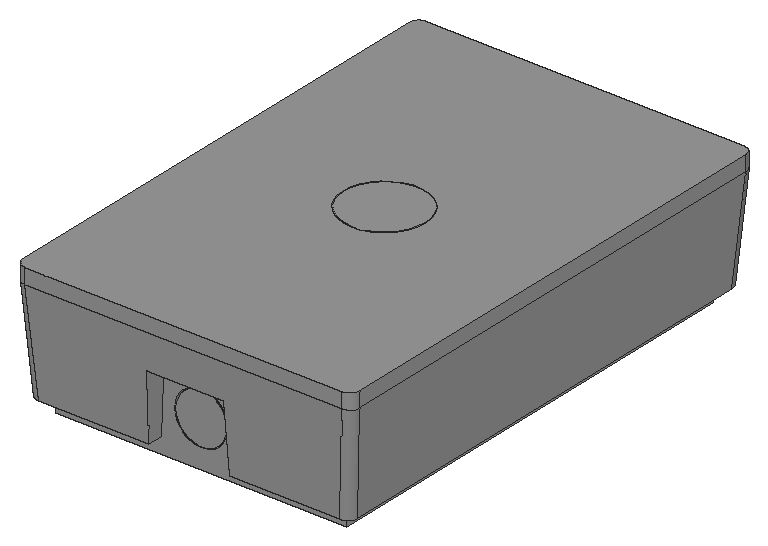
Revit family "0041740", category Lighting Fixtures, host Face, Revit 2016
Family settings
  Host = Face
  Part Type = Normal
  Round Connector Dimension = Use Diameter
  OmniClass Number = 23.80.70.00
  OmniClass Title = Lighting
  Cut with Voids When Loaded = No
  Light Source = Yes
  Shared = No
  Room Calculation Point = No
Parameters (values of type "0041740 SYLSAFE BAY OA C EMC NM MS ")
  Weight = "0.0 kg"
  Wattage Comments = ""
  Wattage = 3 W
  WarrantyStartDate [instance] = "n/a"
  WarrantyGuarantorParts = "n/a"
  WarrantyDurationUnit = "n/a"
  WarrantyDurationParts = "n/a"
  WarrantyDescription = "n/a"
  built-in parameter 1150110 = 1 (stored number, unit not read)
  Voltage = 0 V
  URL = "http://www.sylvania-lighting.com"
  TypeName = "SylSafe Bay OA C EMC NM MS"
  Type Image = <None>
  Type Comments = "n/a"
  built-in parameter 1114217 = 1 (stored number, unit not read)
  Tilt Angle = -90.00°
  built-in parameter 1150109 = 1 (stored number, unit not read)
  built-in parameter 1150134 = (empty or 0)
  built-in parameter 1150113 = 1 (stored number, unit not read)
  SerialNumber [instance] = "n/a"
  Photometric Web File = "0041740.ies"
  Material_3_SYL = LED-Sylvania
  PowerFactor = 0.44
  PowerConsumption = "3 W"
  NominalLength = 197 mm
  NominalHeight = 53 mm
  NominalDepth = 197 mm
  Name = "SylSafe Bay OA C EMC NM MS"
  ModelReference = Name  # "SylSafe Bay OA C EMC NM MS"
  ModelNumber = "0041740"
  Model = Name  # "SylSafe Bay OA C EMC NM MS"
  Material = "n/a"
  ManufacturerName = "Feilo Sylvania"
  Manufacturer = "Feilo Sylvania"
  LuminousEfficacy = "72 lm/W"
  built-in parameter 1150105 = 104.94 (stored number, unit not read)
  Lumens = 216 lm
  LuminaireType = ""
  built-in parameter 1150115 = 1 (stored number, unit not read)
  LightOutputRatio = "n/a"
  built-in parameter 1150137 = (empty or 0)
  built-in parameter 1150139 = (empty or 0)
  LampsType = Lamp  # "LED"
  LampNominalLuminous = "217 lm"
  LampMacAdamStep = "n/a"
  LampColourTemperature = "5700 K"
  LampColourRenderingIndex = "75"
  built-in parameter 1150112 = 1 (stored number, unit not read)
  built-in parameter 1150114 = 1 (stored number, unit not read)
  Lamp = "LED"
  Keynote = "16500"
  InstallationDate [instance] = "n/a"
  InputVoltage = "n/a"
  InputNominalFrequency = "n/a"
  built-in parameter 1150132 = (empty or 0)
  built-in parameter 1150102 = (empty or 0)
  built-in parameter 1150107 = 5700 (stored number, unit not read)
  built-in parameter 1150138 = (empty or 0)
  IngressProtection = "IP65"
  ImpactProtectionIndex = "IK03"
  built-in parameter 1150106 = 1.0494 (stored number, unit not read)
  IfcExportType = "IfcLightFixtureType"
  IfcExportAs = "IfcLightFixtureType"
  Emit from Circle Diameter = 30 mm
  Emit Shape Visible in Rendering = no
  ElectricShockClassification = "Class II"
  built-in parameter 1150104 = 6.689 (stored number, unit not read)
  DocumentationLiterature = "http://www.sylvania-lighting.com/product/en-int/products/0041740"
  DimmingControlOptions = "n/a"
  Material_2_SYL = Polycarbonate, Clear
  Dimming Lamp Color Temperature Shift = <None>
  Description = "SylSafe Bay OA C EMC NM MS is a dust and waterproof surface mounted emergency luminaire for industrial applications. Open area optics for standard mounting heights <4m. Non-maintained version for central battery systems. 217lm, 3W, IK03, IP65. Power Factor 0.44. Class II electrical construction."
  Default Elevation = 1219.2 mm
  CreatedOn = "5/28/2019"
  CreatedBy = "@sylvania-lighting.com"
  Cost = 0
  Color Filter = 16777215
  built-in parameter 1114216 [instance] = (empty or 0)
  ClassificationValue = "EF_70_80"
  ClassificationName = "Uniclass2015"
  Material_1_SYL = PC/ABS Plastic
  BarCode [instance] = "n/a"
  built-in parameter 1114218 = 1 (stored number, unit not read)
  built-in parameter 1150133 = 10 (stored number, unit not read)
  AssetType = "Fixed"
  AssetIdentifier [instance] = "n/a"
  Assembly Code = "D5020200"
  Apparent Load = 3 VA
  Material_4_SYL = none
Reference planes
  plane 1 "Center (Front/Back)": y = 0
  plane 2: z = 0
  plane 3 "Center (Left/Right)": x = 0
  plane 4: y = 98.5
  plane 5: y = -98.5
  plane 6: x = -66
  plane 7: x = 66
  plane 8: x = -63
  plane 9: x = 63
  plane 10: x = -57
  plane 11: x = 57
  plane 12: z = 6
  plane 13: z = 53
  plane 14: z = 47
  plane 15: y = 95.5
  plane 16: y = -95.5
  plane 17: y = 89.5
  plane 18: y = -89.5
  plane 19: z = 18
  plane 20: z = 7
  plane 21: z = 33
  plane 22: x = -15
  plane 23: x = 15
  plane 24: x = -16
  plane 25: x = 16
  plane 26: z = 48
  plane 27: z = 52
Forms (mm)
  Extrusion 1, solid, material "PC/ABS Plastic" <- "Material_1_SYL"
    sketch origin (0, 0, 0) x (1, 0, 0) y (0, 1, 0)
      loop
        line (-57, 89.5) -> (-57, -89.5) -> (57, -89.5) -> (57, 89.5) -> (-57, 89.5)
    from 0 to 6
  Blend 2, solid, material "PC/ABS Plastic" <- "Material_1_SYL"
    base sketch origin (1223.4, -4572, 6) x (0, -1, 0) y (1, 0, 0)
      loop
        arc (-4667.5, -1282.4) -> (-4666.328, -1285.228) -> (-4663.5, -1286.4) r 4
        line (-4663.5, -1286.4) -> (-4480.5, -1286.4)
        arc (-4480.5, -1286.4) -> (-4477.672, -1285.228) -> (-4476.5, -1282.4) r 4
        line (-4476.5, -1282.4) -> (-4476.5, -1164.4)
        arc (-4476.5, -1164.4) -> (-4477.672, -1161.572) -> (-4480.5, -1160.4) r 4
        line (-4480.5, -1160.4) -> (-4663.5, -1160.4)
        arc (-4663.5, -1160.4) -> (-4666.328, -1161.572) -> (-4667.5, -1164.4) r 4
        line (-4667.5, -1164.4) -> (-4667.5, -1282.4)
    top sketch origin (1223.4, -4572, 6) x (0, -1, 0) y (1, 0, 0)
      loop
        arc (-4670.5, -1285.4) -> (-4669.328, -1288.228) -> (-4666.5, -1289.4) r 4
        line (-4666.5, -1289.4) -> (-4477.5, -1289.4)
        arc (-4477.5, -1289.4) -> (-4474.672, -1288.228) -> (-4473.5, -1285.4) r 4
        line (-4473.5, -1285.4) -> (-4473.5, -1161.4)
        arc (-4473.5, -1161.4) -> (-4474.672, -1158.572) -> (-4477.5, -1157.4) r 4
        line (-4477.5, -1157.4) -> (-4666.5, -1157.4)
        arc (-4666.5, -1157.4) -> (-4669.328, -1158.572) -> (-4670.5, -1161.4) r 4
        line (-4670.5, -1161.4) -> (-4670.5, -1285.4)
    from 0 to 41
  Extrusion 3, solid, material "PC/ABS Plastic" <- "Material_1_SYL"
    sketch origin (1223.4, -4572, 47) x (0, -1, 0) y (-1, 0, 0)
      loop
        arc (-4473.5, 1285.4) -> (-4474.672, 1288.228) -> (-4477.5, 1289.4) r 4
        line (-4477.5, 1289.4) -> (-4666.5, 1289.4)
        arc (-4666.5, 1289.4) -> (-4669.328, 1288.228) -> (-4670.5, 1285.4) r 4
        line (-4670.5, 1285.4) -> (-4670.5, 1161.4)
        arc (-4670.5, 1161.4) -> (-4669.328, 1158.572) -> (-4666.5, 1157.4) r 4
        line (-4666.5, 1157.4) -> (-4477.5, 1157.4)
        arc (-4477.5, 1157.4) -> (-4474.672, 1158.572) -> (-4473.5, 1161.4) r 4
        line (-4473.5, 1161.4) -> (-4473.5, 1285.4)
    from 0 to -6
  Extrusion 4, void
    sketch origin (1524, -98.5, 1219.2) x (-1, 0, 0) y (0, 0, 1)
      loop
        line (1540, -1213.2) -> (1539, -1186.2) -> (1509, -1186.2) -> (1508, -1213.2) -> (1540, -1213.2)
    from 0 to 9
  Extrusion 5, void
    sketch origin (1524, 98.5, 1219.2) x (-1, 0, 0) y (0, 0, 1)
      loop
        line (1539, -1186.2) -> (1509, -1186.2) -> (1508, -1213.2) -> (1540, -1213.2) -> (1539, -1186.2)
    from 0 to -9
  Extrusion 6, void
    sketch origin (1524, 89.5, 1219.2) x (-1, 0, 0) y (0, 0, 1)
      loop
        circle (1524, -1201.2) r 10
      loop
        circle (1524, -1201.2) r 10.5
    from 0 to -1
  Extrusion 7, void
    sketch origin (1524, -89.5, 1219.2) x (-1, 0, 0) y (0, 0, 1)
      loop
        circle (1524, -1201.2) r 10.5
      loop
        circle (1524, -1201.2) r 10
    from 0 to 1
  Extrusion 8, void
    sketch origin (1223.4, -4572, 53) x (-1, 0, 0) y (0, -1, 0)
      loop
        circle (1223.4, -4572) r 16
    from 0 to -5
  Extrusion 9, solid, material "Polycarbonate, Clear" <- "Material_2_SYL"
    sketch origin (1223.4, -4572, 53) x (0, -1, 0) y (-1, 0, 0)
      loop
        circle (-4572, 1223.4) r 16
    from 0 to 1
Cuts and joins
  Extrusion 4, Extrusion 6, Extrusion 7, Extrusion 8 cuts Extrusion 1
  Extrusion 4, Extrusion 5, Extrusion 6, Extrusion 7, Extrusion 8 cuts Blend 2
  joined: Extrusion 1, Blend 2
  Extrusion 8 cuts Extrusion 3
Lines and regions (mm)
  reference lines
    curve 1: circle (0, 0, 18) r 10 normal (0, -1, 0)
    curve 2: circle (0, 98.5, 18) r 10.5 normal (0, -1, 0)
    curve 3: circle (0, 0, 6) r 16 normal (0, 0, -1)
Dimensions and locks
  equal spacing: plane 6, plane 3 "Center (Left/Right)", plane 7
  locked: plane 6 to plane 7 at 132
  equal spacing: plane 5, plane 1 "Center (Front/Back)", plane 4
  locked: plane 5 to plane 4 at 197
  locked: plane 13 to host face at 53
  locked: plane 12 to host face at 6
  locked: plane 13 to plane 14 at 6
  equal spacing: plane 16, plane 1 "Center (Front/Back)", plane 15
  locked: plane 5 to plane 16 at 3
  equal spacing: plane 18, plane 1 "Center (Front/Back)", plane 17
  locked: plane 16 to plane 18 at 6
  equal spacing: plane 8, plane 3 "Center (Left/Right)", plane 9
  locked: plane 6 to plane 8 at 3
  equal spacing: plane 10, plane 3 "Center (Left/Right)", plane 11
  locked: plane 8 to plane 10 at 6
  equal spacing: plane 23, plane 3 "Center (Left/Right)", plane 22
  equal spacing: plane 25, plane 3 "Center (Left/Right)", plane 24
  locked: plane 25 to plane 24 at 32
  locked: plane 23 to plane 22 at 30
  plane 21 to plane 19 to plane 2 = 15 mm locked, 18 mm locked
  locked: plane 13 to plane 26 at 5
  locked: plane 13 to plane 27 at 1
  plane 1 "Center (Front/Back)" to host face = 200 mm
  radius of curve 1 = 10 mm
  radius of curve 2 = 10.5 mm
  aligned and locked: plane 2 to host face
  aligned and locked: level to host face
  aligned and locked: plane 17 to Extrusion 1 sketch curve
  aligned and locked: plane 10 to Extrusion 1 sketch curve
  aligned and locked: Extrusion 1 sketch curve to plane 18
  aligned and locked: Extrusion 1 sketch curve to plane 11
  aligned and locked: Extrusion 1 to plane 12
  aligned and locked: Extrusion 1 to level
  aligned and locked: Blend 2 sketch curve to plane 15
  aligned and locked: Blend 2 sketch curve to plane 8
  aligned and locked: plane 16 to Blend 2 sketch curve
  aligned and locked: plane 9 to Blend 2 sketch curve
  aligned and locked: Blend 2 sketch curve to plane 4
  aligned and locked: Blend 2 sketch curve to plane 6
  aligned and locked: plane 5 to Blend 2 sketch curve
  aligned and locked: plane 7 to Blend 2 sketch curve
  aligned and locked: Blend 2 to plane 14
  aligned and locked: plane 12 to Blend 2
  aligned and locked: Extrusion 3 sketch curve to Blend 2  (x4)
  aligned and locked: Extrusion 3 to plane 13
  aligned and locked: plane 14 to Extrusion 3
  aligned and locked: plane 24 to Extrusion 4 sketch curve
  aligned and locked: plane 21 to Extrusion 4 sketch curve
  aligned and locked: plane 25 to Extrusion 4 sketch curve
  aligned and locked: Extrusion 4 sketch curve to plane 12
  aligned and locked: Extrusion 4 to plane 18
  aligned and locked: plane 5 to Extrusion 4
  aligned and locked: Extrusion 5 sketch curve to cut or joined group of Extrusion 1, Blend 2, Extrusion 4, Extrusion 5, Extrusion 6, Extrusion 7, Extrusion 8  (x4)
  aligned and locked: plane 17 to Extrusion 5
  aligned and locked: Extrusion 5 to plane 4
  aligned and locked: Extrusion 6 sketch curve to curve 1
  aligned and locked: Extrusion 6 sketch curve to curve 2
  aligned and locked: Extrusion 6 to plane 17
  aligned and locked: Extrusion 7 sketch curve to curve 2
  aligned and locked: Extrusion 7 sketch curve to cut or joined group of Extrusion 1, Blend 2, Extrusion 4, Extrusion 5, Extrusion 6, Extrusion 7, Extrusion 8  (x2)
  aligned and locked: Extrusion 8 sketch curve to curve 3
  aligned and locked: Extrusion 8 to plane 13
  aligned and locked: Extrusion 9 sketch curve to cut or joined group of Extrusion 3, Extrusion 8  (x2)
  aligned and locked: plane 26 to Extrusion 8
  aligned and locked: plane 27 to Extrusion 9
  aligned and locked: Extrusion 9 to plane 13
  aligned and locked: Extrusion 8 to cut or joined group of Extrusion 3, Extrusion 8
  aligned and locked: cut or joined group of Extrusion 3, Extrusion 8 to Extrusion 8
  aligned and locked: imposter light to plane 13
  aligned and locked: plane 3 "Center (Left/Right)" to imposter light
  aligned and locked: imposter light to plane 1 "Center (Front/Back)"
Automatic sketch dimensions
  host sketch curve to host sketch curve = 400 mm  (x2)
  Blend 2 sketch curve to plane 17 = 2 mm
  Blend 2 sketch curve to plane 10 = 2 mm  (x2)
  plane 18 to Blend 2 sketch curve = 2 mm
  plane 15 to Blend 2 sketch curve = 1 mm
  plane 8 to Blend 2 sketch curve = 1 mm
  Blend 2 sketch curve to plane 10 = 5 mm
  Blend 2 sketch curve to plane 16 = 1 mm
  curve 1 to plane 3 "Center (Left/Right)" = 0 mm
  curve 1 to plane 19 = 0 mm
  Extrusion 4 sketch curve to plane 22 = 0 mm
  Extrusion 4 sketch curve to plane 23 = 0 mm
  curve 2 to plane 3 "Center (Left/Right)" = 0 mm
  curve 2 to plane 19 = 0 mm
  plane 1 "Center (Front/Back)" to curve 3 = 0 mm
  curve 3 to plane 3 "Center (Left/Right)" = 0 mm
  radius of curve 3 = 16 mm
